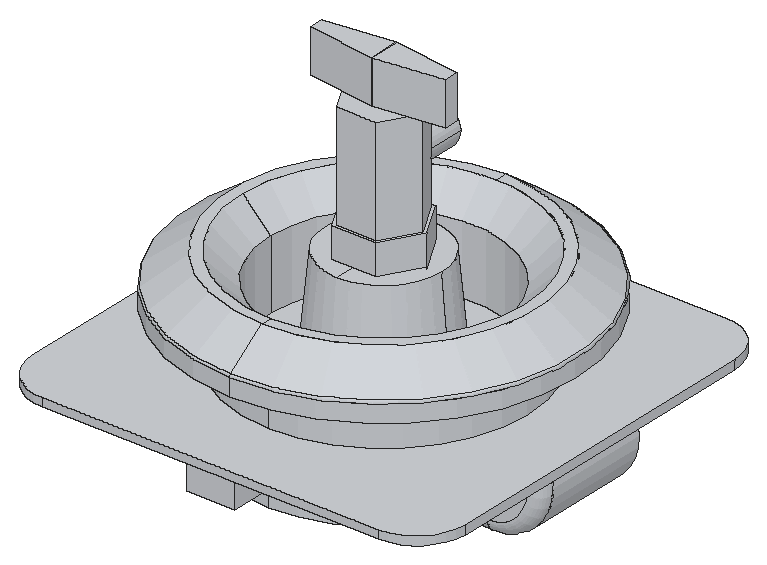
Revit family "Omega Plate", category Plumbing Fixtures, host Face, Revit 2017
Family settings
  Host = Face
  Round Connector Dimension = Use Diameter
  Part Type = Normal
  Cut with Voids When Loaded = No
  Shared = No
  Room Calculation Point = No
Parameters (values of type "699-A0-CR")
  URL = "www.siouxchief.com"
  Pipe Radius = 0' - 0 1/4"
  Outlet Diameter = 0' - 0 55/128"
  Model = "699-A0-CR"
  Manufacturer = "Sioux Chief Manufacturing"
  Male Sweat in Visibility = no
  MIP Visibility = no
  Inlet Diameter = 2 * Pipe Radius  # 0' - 0 1/2"
  Description = "Omegaplate"
  Default Elevation = 4' - 0"
  Connector Diameter = 0' - 0 1/4"
  CPVC Visibility = yes
  1960 Visibility = no
  1807 Visibility = no
Types (16): name | Outlet Diameter | Model | Male Sweat in Visibility | MIP Visibility | Description | Connector Diameter | CPVC Visibility | 1960 Visibility | 1807 Visibility
  (no name) | 0' - 0 55/128" | "699-A0-CR" | no | no | "Omegaplate" | 0' - 0 1/4" | yes | no | no
  699-A1-CR | 0' - 0 143/256" | "699-A1-CR" | no | no | "Omegaplate" | 0' - 0 3/8" | yes | no | no
  699-A1-MR | 0' - 0 143/256" | "699-A1-MR" | no | yes | "Omegaplate" | 0' - 0 3/8" | no | no | no
  699-A1-PR | 0' - 0 143/256" | "699-A1-PR" | yes | no | "Omegaplate" | 0' - 0 3/8" | no | no | no
  699-A1-WR | 0' - 0 143/256" | "699-A1-WR" | no | no | "Omegaplate" | 0' - 0 3/8" | no | yes | no
  699-A1-XR | 0' - 0 143/256" | "699-A1-XR" | no | no | "Omegaplate" | 0' - 0 3/8" | no | no | yes
  699-A0-CR | 0' - 0 55/128" | "699-A0-CR" | no | no | "Omegaplate" | 0' - 0 1/4" | yes | no | no
  699-A0-MR | 0' - 0 55/128" | "699-A0-MR" | no | yes | "Omegaplate" | 0' - 0 1/4" | no | no | no
  699-A0-PR | 0' - 0 55/128" | "699-A0-PR" | yes | no | "Omegaplate" | 0' - 0 1/4" | no | no | no
  699-A0-WR | 0' - 0 55/128" | "699-A0-WR" | no | no | "Omegaplate" | 0' - 0 1/4" | no | yes | no
  699-A0-XR | 0' - 0 55/128" | "699-A0-XR" | no | no | "Omgaplate" | 0' - 0 1/4" | no | no | yes
  699-A3-CR | 0' - 0 115/128" | "699-A3-CR" | no | no | "Omegaplate" | 0' - 0 3/4" | yes | no | no
  699-A3-MR | 0' - 0 115/128" | "699-A3-MR" | no | yes | "Omegaplate" | 0' - 0 3/4" | no | no | no
  699-A3-PR | 0' - 0 115/128" | "699-A3-PR" | yes | no | "Omegaplate" | 0' - 0 3/4" | no | no | no
  699-A3-WR | 0' - 0 115/128" | "699-A3-WR" | no | no | "Omegaplate" | 0' - 0 3/4" | no | yes | no
  699-A3-XR | 0' - 0 115/128" | "699-A3-XR" | no | no | "Omegaplate" | 0' - 0 3/4" | no | no | yes
Reference planes (in)
  plane 1 "Center (Front/Back)": y = 0
  plane 2: z = 0
  plane 3 "Center (Left/Right)": x = 0
Forms (in)
  Extrusion 1, solid
    sketch origin (0, 0, -0.6) x (1, 0, 0) y (0, 1, 0)
      loop
        arc (-1.75, 2.25) -> (-2.10355, 2.10355) -> (-2.25, 1.75) r 0.5
        line (-2.25, 1.75) -> (-2.25, -1.75)
        arc (-2.25, -1.75) -> (-2.10355, -2.10355) -> (-1.75, -2.25) r 0.5
        line (-1.75, -2.25) -> (1.75, -2.25)
        arc (1.75, -2.25) -> (2.10355, -2.10355) -> (2.25, -1.75) r 0.5
        line (2.25, -1.75) -> (2.25, 1.75)
        arc (2.25, 1.75) -> (2.10355, 2.10355) -> (1.75, 2.25) r 0.5
        line (1.75, 2.25) -> (-1.75, 2.25)
    from 0 to 0.09
  Revolve 2, solid
    sketch origin (0, 0, 1) x (0, 1, 0) y (0, 0, 1)
      loop
        line (0, -2.25) -> (0, -0.5) -> (-1.59, -0.5) -> (-1.98605, -0.79163)
        arc (-1.98605, -0.79163) -> (-1.99634, -0.80504) -> (-2, -0.82154) r 0.03904
        line (-2, -0.82154) -> (-2, -1) -> (-1.5, -1) -> (-1.5, -2.25) -> (0, -2.25)
      axis (0, -0.5) -> (0, -2.25)
    angle from 0 to 360
  Revolve 3, void
    sketch origin (0, 0, 0) x (1, 0, 0) y (0, 0, 1)
      loop
        line (0, -0.6) -> (0, -1.25) -> (0.65, -1.25) -> (0.5, -0.6) -> (0, -0.6)
      axis (0, -0.6) -> (0, -1.25)
    angle from 0 to 360
  Extrusion 4, solid
    sketch origin (0, 0, 0) x (1, 0, 0) y (0, 0, 1)
      loop
        line (0, -0.6) -> (-0.25, -0.6) -> (-0.25, -0.85) -> (0.25, -0.85) -> (0.25, -0.6) -> (0, -0.6)
    from -2.25 to 2.25
  Revolve 5, void
    sketch origin (0, 0, -1.11) x (1, 0, 0) y (0, 0, -1)
      loop
        line (0.70208, -0.6) -> (0.60527, -1.61) -> (1.47163, -1.61) -> (1.18, -1.31837) -> (1.18, -0.6) -> (0.70208, -0.6)
      axis (0, -0.6) -> (0, -1.61)
    angle from 0 to 360
  Sweep 6, solid
    path origin (0, 0, 0) x (0, 1, 0) y (0, 0, 1)
      loop
        line (0, -0.6) -> (0, -1.50078)
        arc (0, -1.50078) -> (0.2048, -1.9952) -> (0.69922, -2.2) r 0.69922
        line (0.69922, -2.2) -> (1.58, -2.2)
    profile origin (0, 0, -1.05039) x (1, 0, 0) y (0, 1, 0)
      loop
        circle (0, 0) r 0.25
  Extrusion 7, solid
    sketch origin (0, 0, 0.20837) x (1, 0, 0) y (0, 1, 0)
      loop
        line (0.45172, 0) -> (0.22586, 0.3912) -> (-0.22586, 0.3912) -> (-0.45172, 0) -> (-0.22586, -0.3912) -> (0.22586, -0.3912) -> (0.45172, 0)
    from 0 to 0.6
  Extrusion 8, solid
    sketch origin (0, 0, 0.80837) x (1, 0, 0) y (0, 1, 0)
      loop
        line (0.20484, 0.3548) -> (-0.20484, 0.3548) -> (-0.40969, 0) -> (-0.20484, -0.3548) -> (0.20484, -0.3548) -> (0.40969, 0) -> (0.20484, 0.3548)
    from 0 to 1.1
  Extrusion 9, solid
    sketch origin (0, 0, 1.90837) x (1, 0, 0) y (0, 1, 0)
      loop
        line (0, 0.16) -> (-0.70208, 0.07) -> (-0.70208, -0.07) -> (0, -0.16) -> (0, 0.16)
    from 0 to 0.45
  Extrusion 10, solid
    sketch origin (0, 0, 1.90837) x (-1, 0, 0) y (0, -1, 0)
      loop
        line (0, -0.16) -> (0, 0.16) -> (-0.70208, 0.07) -> (-0.70208, -0.07) -> (0, -0.16)
    from 0 to 0.45
  Extrusion 11, solid
    sketch origin (0, 1.58, -2.2) x (1, 0, 0) y (0, 0, -1)
      loop
        circle (0, -3.55837) r 0.21484
    from -1.58 to -0.8502
Cuts and joins
  Revolve 3, Revolve 5 cuts Extrusion 1
  Revolve 3, Revolve 5 cuts Revolve 2
  Revolve 3 cuts Extrusion 4
Dimensions and locks (in)
  Extrusion 8 sketch curve to Extrusion 8 sketch curve = 0' - 0.7096"
  locked: Extrusion 9 to Extrusion 9 at 0.45
  locked: Extrusion 9 to Extrusion 7 at 1.1
  locked: Extrusion 7 to Extrusion 7 at 0.6
  "Pipe Radius": radius of Sweep 6 sketch curve
  "Outlet Diameter": diameter of Extrusion 11 sketch curve
  aligned and locked: plane 2 to host face
  aligned and locked: level to host face
  aligned and locked: Extrusion 4 to cut or joined group of Extrusion 1, Revolve 3, Revolve 5
  aligned and locked: cut or joined group of Extrusion 1, Revolve 3, Revolve 5 to Extrusion 4
  aligned and locked: cut or joined group of Revolve 2, Revolve 3, Revolve 5 to Extrusion 7
  aligned and locked: Extrusion 7 to Extrusion 8
  aligned and locked: Extrusion 10 to Extrusion 8
  aligned and locked: Extrusion 9 to Extrusion 8
  aligned and locked: plane 1 "Center (Front/Back)" to Extrusion 11
Automatic sketch dimensions
  host sketch curve to host sketch curve = 8' - 0"  (x2)
  Extrusion 1 sketch curve to plane 3 "Center (Left/Right)" = 0' - 2 1/4"
  Extrusion 1 sketch curve to Extrusion 1 sketch curve = 0' - 0 1/2"  (x3)
  plane 3 "Center (Left/Right)" to Extrusion 1 sketch curve = 0' - 1 3/4"  (x2)
  plane 1 "Center (Front/Back)" to Extrusion 1 sketch curve = 0' - 2 1/4"
  Extrusion 1 sketch curve to plane 1 "Center (Front/Back)" = 0' - 1 3/4"
  Revolve 2 sketch curve to level = 0' - 0"
  Revolve 2 sketch curve to plane 1 "Center (Front/Back)" = 0' - 0"  (x2)
  plane 1 "Center (Front/Back)" to Revolve 2 sketch curve = 0' - 1 1/2"
  Revolve 2 sketch curve to Revolve 2 sketch curve = 0' - 0.09"
  level to Revolve 2 sketch curve = 0' - 0.17846"
  Revolve 2 sketch curve to Revolve 2 sketch curve = 0' - 0.37096"
  level to Revolve 2 sketch curve = 0' - 0.20837"
  Revolve 2 sketch curve to Revolve 2 sketch curve = 0' - 0.02509"
  Revolve 2 sketch curve to level = 0' - 1 1/4"
  level to Revolve 2 sketch curve = 0' - 0 1/2"
  Revolve 2 sketch curve to Revolve 2 sketch curve = 0' - 0.80484"
  Revolve 2 sketch curve to Revolve 2 sketch curve = 0' - 0 3/4"
  Revolve 3 sketch curve to plane 3 "Center (Left/Right)" = 0' - 0"  (x2)
  plane 3 "Center (Left/Right)" to Revolve 3 sketch curve = 0' - 0 1/2"
  plane 3 "Center (Left/Right)" to Revolve 3 sketch curve = 0' - 0.65"
  Revolve 3 sketch curve to level = 0' - 1 1/4"
  Revolve 3 sketch curve to level = 0' - 0.6"
  Revolve 3 sketch curve to Revolve 3 sketch curve = 0' - 0.15849"
  level to Revolve 3 sketch curve = 0' - 0 3/4"
  Extrusion 4 sketch curve to plane 3 "Center (Left/Right)" = 0' - 0"
  Extrusion 4 sketch curve to plane 3 "Center (Left/Right)" = 0' - 0 1/4"
  plane 3 "Center (Left/Right)" to Extrusion 4 sketch curve = 0' - 0 1/4"
  Extrusion 4 sketch curve to level = 0' - 0.85"
  Extrusion 4 sketch curve to Extrusion 4 sketch curve = 0' - 0 1/4"
  Revolve 5 sketch curve to plane 3 "Center (Left/Right)" = 0' - 0"
  Revolve 5 sketch curve to plane 3 "Center (Left/Right)" = 0' - 0.60527"
  Revolve 5 sketch curve to plane 3 "Center (Left/Right)" = 0' - 0.70208"
  Revolve 5 sketch curve to Revolve 5 sketch curve = 0' - 0.47792"
  Revolve 5 sketch curve to level = 0' - 0 1/2"
  Revolve 5 sketch curve to Revolve 5 sketch curve = 0' - 0.29163"
  Revolve 5 sketch curve to level = 0' - 0.20837"
  level to Revolve 5 sketch curve = 0' - 0.51"
  Revolve 5 sketch curve to level = 0' - 0.29849"
  Revolve 5 sketch curve to Revolve 5 sketch curve = 0' - 1.35"
  plane 1 "Center (Front/Back)" to Extrusion 7 sketch curve = 0' - 0"  (x2)
  Extrusion 7 sketch curve to plane 3 "Center (Left/Right)" = 0' - 0.45172"
  Extrusion 7 sketch curve to plane 3 "Center (Left/Right)" = 0' - 0.22586"  (x2)
  plane 3 "Center (Left/Right)" to Extrusion 7 sketch curve = 0' - 0.22586"  (x2)
  Extrusion 7 sketch curve to Extrusion 7 sketch curve = 0' - 0.22586"
  plane 1 "Center (Front/Back)" to Extrusion 7 sketch curve = 0' - 0.3912"
  Extrusion 7 sketch curve to plane 1 "Center (Front/Back)" = 0' - 0.3912"
  Extrusion 8 sketch curve to Extrusion 7 = 0' - 0.3912"  (x2)
  Extrusion 8 sketch curve to Extrusion 7 = 0' - 0.0364"  (x2)
  Extrusion 8 sketch curve to Extrusion 8 sketch curve = 0' - 0.20484"  (x3)
  Extrusion 8 sketch curve to Extrusion 8 sketch curve = 0' - 0.40969"  (x2)
  Extrusion 9 sketch curve to Extrusion 8 = 0' - 0.2848"
  Extrusion 8 to Extrusion 9 sketch curve = 0' - 0.21821"
  Extrusion 9 sketch curve to Extrusion 8 = 0' - 0.1948"  (x2)
  Extrusion 9 sketch curve to Extrusion 9 sketch curve = 0' - 0.70208"
  Extrusion 9 sketch curve to Extrusion 9 sketch curve = 0' - 0.14"
  Extrusion 10 sketch curve to Extrusion 8 = 0' - 0.2848"
  Extrusion 8 to Extrusion 10 sketch curve = 0' - 0.21821"
  Extrusion 10 sketch curve to Extrusion 8 = 0' - 0.1948"  (x2)
  Extrusion 10 sketch curve to Extrusion 10 sketch curve = 0' - 0.70208"
  Extrusion 10 sketch curve to Extrusion 10 sketch curve = 0' - 0.14"
  Sweep 6 sketch curve to plane 1 "Center (Front/Back)" = 0' - 0"
  Sweep 6 sketch curve to plane 1 "Center (Front/Back)" = 0' - 0 179/256"
  Sweep 6 sketch curve to level = 0' - 2.2"
  Sweep 6 sketch curve to Sweep 6 sketch curve = 0' - 0.88078"
  Sweep 6 sketch curve to level = 0' - 0.6"
  profile plane to Sweep 6 sketch curve = 0' - 0"
  Sweep 6 sketch curve to profile plane = 0' - 0"
Nested families (in)
  nested 1: "1807" at (0, 1.57, -2.2) x (0, -1, 0) z (0, 0, 1), visible <- "1807 Visibility", type "1807"
  nested 2: "CPVC" at (0, 1.35, -2.2) x (0, -1, 0) z (0, 0, 1), visible <- "CPVC Visibility", type "CPVC"
  nested 3: "Male Sweat in" at (0, 1.52, -2.2) x (0, -1, 0) z (0, 0, 1), visible <- "Male Sweat in Visibility", type "Male Sweat in"
  nested 4: "MIP" at (0, 1.86, -2.2) x (0, -1, 0) z (0, 0, 1), visible <- "MIP Visibility", type "MIP"
  nested 5: "1960" at (0, 1.58, -2.2) x (0, -1, 0) z (1, 0, 0), visible <- "1960 Visibility", type "1960"
Connectors (in)
  piping at (0, 2.61, -2.2), diameter 0.5, driven by "Inlet Diameter"
    settings: on nested 3, index 1, connector inside diameter 24", connector length 0' - 0", flow factor 0, pipe flow 0 GPM, pressure drop 0.00 psi, fitting loss kfactor 0, connector angle 0.00°, fixture units 0, engagement length 0' - 0", angle of deflection 0.00°, flow configuration 0, flow direction 1, fitting loss method 0, system type 22, joint type 0, gender type 0, connector reference index -1, connector utility 0, adjustable connector no, is connector primary yes, connector description ""
  piping at (0, 0.7298, 1.35837), diameter 0.25, driven by "Connector Diameter"
    settings: on Extrusion 11, index 2, connector inside diameter 24", connector length 0' - 0", flow factor 0, pipe flow 0 GPM, pressure drop 0.00 psi, fitting loss kfactor 0, connector angle 0.00°, fixture units 0, engagement length 0' - 0", angle of deflection 0.00°, flow configuration 0, flow direction 2, fitting loss method 0, system type 22, joint type 0, gender type 0, connector reference index -1, connector utility 0, adjustable connector no, is connector primary no, connector description ""
Definition of nested family "1807"
  Reference planes (in)
    plane 1 "Center (Front/Back)": y = 0
    plane 2: z = 0
    plane 3 "Center (Left/Right)": x = 0
  Forms (in)
    Revolve 1, solid
      sketch origin (0, 0, 0) x (0, 0, 1) y (-1, 0, 0)
        loop
          line (0, 1.04) -> (0, 0) -> (0.365, 0) -> (0.365, 0.09) -> (0.315, 0.09) -> (0.315, 0.27) -> (0.26938, 0.27) -> (0.26938, 0.45) -> (0.315, 0.45) -> (0.315, 0.49659) -> (0.26938, 0.49659) -> (0.26938, 0.67659) -> (0.315, 0.67659) -> (0.315, 0.72319) -> (0.26938, 0.72319) -> (0.26938, 0.90319) -> (0.315, 0.90319) -> (0.315, 0.9477) -> (0.28529, 1.04) -> (0, 1.04)
        axis (0, 1.04) -> (0, 0)
      angle from 0 to 360
  Dimensions and locks (in)
    aligned and locked: plane 2 to level
Definition of nested family "CPVC"
  Reference planes (in)
    plane 1 "Center (Front/Back)": y = 0
    plane 2: z = 0
    plane 3 "Center (Left/Right)": x = 0
  Forms (in)
    Revolve 1, solid
      sketch origin (0, 0, 0) x (0, 0, 1) y (-1, 0, 0)
        loop
          line (0, 0) -> (0.41653, 0)
          arc (0.41653, 0) -> (0.52151, 0.04349) -> (0.565, 0.14847) r 0.14847
          line (0.565, 0.14847) -> (0.565, 1.26) -> (0, 1.26) -> (0, 0)
        axis (0, 1.26) -> (0, 0)
      angle from 0 to 360
  Dimensions and locks (in)
    aligned and locked: plane 2 to level
Definition of nested family "Male Sweat in"
  Reference planes (in)
    plane 1 "Center (Front/Back)": y = 0
    plane 2: z = 0
    plane 3 "Center (Left/Right)": x = 0
  Forms (in)
    Revolve 1, solid
      sketch origin (0, 0, 0) x (0, 0, 1) y (-1, 0, 0)
        loop
          line (0, 0) -> (0.415, 0) -> (0.415, 0.43902) -> (0.38351, 0.43902) -> (0.38351, 0.47) -> (0.415, 0.47) -> (0.415, 1.09) -> (0, 1.09) -> (0, 0)
        axis (0, 1.09) -> (0, 0)
      angle from 0 to 360
  Dimensions and locks (in)
    aligned and locked: plane 2 to level
Definition of nested family "MIP"
  Reference planes (in)
    plane 1 "Center (Front/Back)": y = 0
    plane 2: z = 0
    plane 3 "Center (Left/Right)": x = 0
    plane 4: x = -0.2
  Forms (in)
    Extrusion 1, solid
      sketch origin (0, 0, 0) x (0, 0, 1) y (0, 1, 0)
        loop
          line (0.35, 0) -> (0.175, 0.30311) -> (-0.175, 0.30311) -> (-0.35, 0) -> (-0.175, -0.30311) -> (0.175, -0.30311) -> (0.35, 0)
      from 0 to 0.2
    Revolve 2, solid
      sketch origin (0, 0, 0) x (0, 0, 1) y (-1, 0, 0)
        loop
          line (0, 0.2) -> (0.395, 0.2) -> (0.395, 0.27) -> (0.425, 0.3) -> (0.395, 0.33) -> (0.425, 0.36) -> (0.395, 0.39) -> (0.425, 0.42) -> (0.395, 0.45) -> (0.425, 0.48) -> (0.395, 0.51) -> (0.425, 0.54) -> (0.395, 0.57) -> (0.425, 0.6) -> (0.395, 0.63) -> (0.425, 0.66) -> (0.395, 0.69) -> (0.425, 0.72) -> (0.395, 0.75) -> (0, 0.75) -> (0, 0.2)
        axis (0, 0.75) -> (0, 0.2)
      angle from 0 to 360
  Dimensions and locks (in)
    aligned and locked: plane 2 to level
    aligned and locked: Extrusion 1 to plane 4
    aligned and locked: Revolve 2 to plane 4
Definition of nested family "1960"
  Parameters (values of type "1960")
    Default Elevation = 4' - 0"
  Reference planes (in)
    plane 1 "Center (Front/Back)": y = 0
    plane 2: z = 0
    plane 3 "Center (Left/Right)": x = 0
  Forms (in)
    Revolve 1, solid
      sketch origin (0, 0, 0) x (0, 0, 1) y (-1, 0, 0)
        loop
          line (0, 0) -> (0.44, 0) -> (0.44, 0.09) -> (0.37, 0.09) -> (0.37, 0.29) -> (0.33828, 0.29) -> (0.33828, 0.49) -> (0.40219, 0.49) -> (0.37, 0.59) -> (0.37, 0.79) -> (0.33828, 0.79) -> (0.33828, 0.94527) -> (0.38219, 0.94527) -> (0.35492, 1.03) -> (0, 1.03) -> (0, 0)
        axis (0, 1.03) -> (0, 0)
      angle from 0 to 360
  Dimensions and locks (in)
    aligned and locked: plane 2 to level
